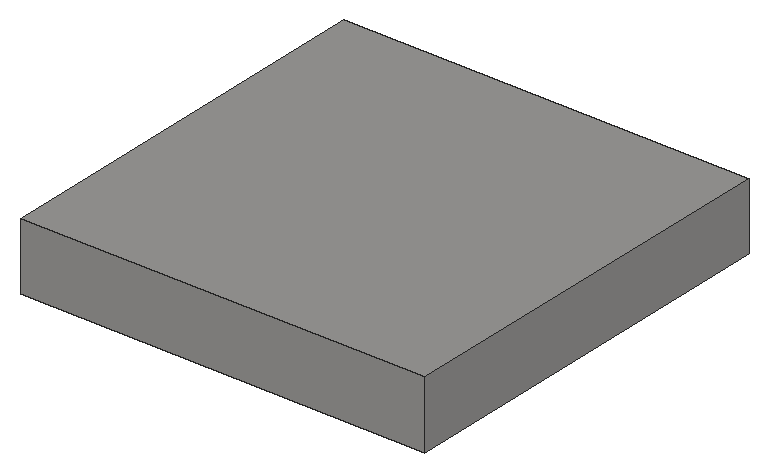
Revit family "Post_Cap-K2_Stone-Crown_Isle_Granite-n1", category Site, Revit 2013
Parameters (values of type "Crown Isle Granite")
  Width = if(and(Requested Width < Max Width, Requested Width > Min Width), Requested Width, if(or(Requested Width > Max Width, Requested Width = Max Width), Max Width, Min Width))  # 1' - 0"
  URL = "https://www.k2stone.com/"
  Type Comments = "Post Cap"  # constant formula
  Thickness = if(and(Requested Thickness < Max Thickness, Requested Thickness > Min Thickness), Requested Thickness, if(or(Requested Thickness > Max Thickness, Requested Thickness = Max Thickness), Max Thickness, Min Thickness))  # 0' - 2"
  Requested Width = 1' - 0"
  Requested Thickness = 0' - 2"
  Requested Length = 1' - 0"
  Product Page URL = "https://www.k2stone.com/product/crown-isle-granite-cut-top-post-cap/"
  Product Documentation Link = "https://www.k2stone.com/technical-specifications"
  Model = "Crown Isle Granite Post Cap"  # constant formula
  Min Width = 1' - 0"  # constant formula
  Min Thickness = 0' - 2"  # constant formula
  Min Length = 1' - 0"  # constant formula
  Max Width = 2' - 0"  # constant formula
  Max Thickness = 0' - 8"  # constant formula
  Max Length = 4' - 0"  # constant formula
  Manufacturer = "K2 Stone"  # constant formula
  Length = if(and(Requested Length < Max Length, Requested Length > Min Length), Requested Length, if(or(Requested Length > Max Length, Requested Length = Max Length), Max Length, Min Length))  # 1' - 0"
  LEED = "https://www.k2stone.com/k2-stone-is-green"
  Finish = Stone-K2-Crown_Isle_Granite
  Description = "Crown Isle Granite post caps are one solid piece of stone with a cut top, bottom and sides. "  # constant formula
  Default Elevation = 4' - 0"
Reference planes (in)
  plane 1 "Center (Front/Back)": y = 0
  plane 2 "Bottom": z = 0
  plane 3 "Center (Left/Right)": x = 0
  plane 4 "Left": x = -6
  plane 5 "Right": x = 6
  plane 6 "Back": y = 6
  plane 7 "Front": y = -6
  plane 8 "Top": z = 2
Forms (in)
  Extrusion 1, solid, material "Stone-K2-Crown_Isle_Granite" <- "Finish"
    sketch origin (0, 0, 0) x (1, 0, 0) y (0, 1, 0)
      loop
        line (-6, -6) -> (6, -6) -> (6, 6) -> (-6, 6) -> (-6, -6)
    from 0 to 2
Dimensions and locks (in)
  equal spacing: plane 6 "Back", plane 1 "Center (Front/Back)", plane 7 "Front"
  equal spacing: plane 4 "Left", plane 3 "Center (Left/Right)", plane 5 "Right"
  "Length": plane 4 "Left" to plane 5 "Right"
  "Width": plane 6 "Back" to plane 7 "Front"
  "Thickness": plane 8 "Top" to level
  aligned and locked: plane 2 "Bottom" to level
  aligned and locked: Extrusion 1 sketch curve to plane 7 "Front"
  aligned and locked: plane 4 "Left" to Extrusion 1 sketch curve
  aligned and locked: plane 6 "Back" to Extrusion 1 sketch curve
  aligned and locked: plane 5 "Right" to Extrusion 1 sketch curve
  aligned and locked: Extrusion 1 to level
  aligned and locked: plane 8 "Top" to Extrusion 1
